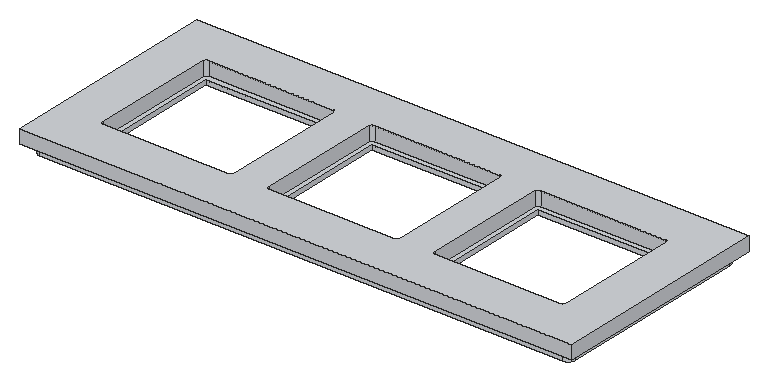
Revit family "Gira_021317", category Electrical Fixtures, host Face, Revit 2017
Family settings
  Host = Face
  Maintain Annotation Orientation = No
  Round Connector Dimension = Use Diameter
  Part Type = Normal
  Cut with Voids When Loaded = No
  Shared = No
  Room Calculation Point = No
Parameters (values of type "Cov.fr. 3-g Gira Esprit alum.")
  With mounting grid = "No"
  With hinged lid = "No"
  URL = "http://katalog.gira.de/en/datenblatt.html?artikelnr=021317"
  Type of fastening = "Clamp mounting"
  Transparent = "No"
  Surface protection = "Other"
  Suitable for wall duct = "No"
  Suitable for flush-mounted installation = "Yes"
  Suitable for floor box = "No"
  Suitable for built-in installation = "No"
  Number of units vertical = "3"
  Number of units horizontal = "3"
  Number of units = "3"
  Name = "Cov.fr. 3-g Gira Esprit alum."
  Mounting direction = "Horizontal and vertical"
  Material quality = "Aluminium"
  Material = "Metal"
  Manufacturer URL = "https://www.gira.de/"
  Manufacturer = "Gira"
  Label space/information surface = "No"
  Keynote = ""
  HeinzeBIM = "https://bimportal.heinze.de/bim/cov-fr-3-g-gira-esprit-alum-/c8b731d426c597ba8c661c395adfdb1d194dca49"
  Halogen free = "No"
  HAN = "021317"
  GTIN = "4010337213178"
  Description = "Cov.fr.3g Espr. AL,Gira Esprit cover frame,Aluminium,3-gang,Features:,- Anodised aluminium E 1 EV 1."
  Degree of protection (IP) = "IP20"
  Default Elevation = 1219.2 mm
  Data sheet (1) = "https://katalog.gira.de/en/download.html?artikelnr=021317"
  Colour = "Aluminium"
  Category = "Cover frame for domestic switching devices"
  BIM (1) = "https://media.stage.bim.site/public/gira/36a6b08/Espr._Rahmen_3fach.rfa"
  Available = "No"
Reference planes
  plane 1 "Center (Front/Back)": y = 0
  plane 2: z = 0
  plane 3 "Center (Left/Right)": x = 0
Forms (mm)
  Extrusion 1, solid, detail levels fine
    sketch origin (0, 0, 0) x (1, 0, 0) y (0, 1, 0)
      loop
        line (-118.4, 47.5) -> (-118.4, -47.5) -> (118.4, -47.5) -> (118.4, 47.5) -> (-118.4, 47.5)
      loop
        arc (-99.5, -26.7) -> (-99.061, -27.761) -> (-98, -28.2) r 1.5
        line (-98, -28.2) -> (-44.6, -28.2)
        arc (-44.6, -28.2) -> (-43.539, -27.761) -> (-43.1, -26.7) r 1.5
        line (-43.1, -26.7) -> (-43.1, 26.7)
        arc (-43.1, 26.7) -> (-43.539, 27.761) -> (-44.6, 28.2) r 1.5
        line (-44.6, 28.2) -> (-98, 28.2)
        arc (-98, 28.2) -> (-99.061, 27.761) -> (-99.5, 26.7) r 1.5
        line (-99.5, 26.7) -> (-99.5, -26.7)
      loop
        arc (-28.2, -26.7) -> (-27.761, -27.761) -> (-26.7, -28.2) r 1.5
        line (-26.7, -28.2) -> (26.7, -28.2)
        arc (26.7, -28.2) -> (27.761, -27.761) -> (28.2, -26.7) r 1.5
        line (28.2, -26.7) -> (28.2, 26.7)
        arc (28.2, 26.7) -> (27.761, 27.761) -> (26.7, 28.2) r 1.5
        line (26.7, 28.2) -> (-26.7, 28.2)
        arc (-26.7, 28.2) -> (-27.761, 27.761) -> (-28.2, 26.7) r 1.5
        line (-28.2, 26.7) -> (-28.2, -26.7)
      loop
        arc (43.1, -26.7) -> (43.539, -27.761) -> (44.6, -28.2) r 1.5
        line (44.6, -28.2) -> (98, -28.2)
        arc (98, -28.2) -> (99.061, -27.761) -> (99.5, -26.7) r 1.5
        line (99.5, -26.7) -> (99.5, 26.7)
        arc (99.5, 26.7) -> (99.061, 27.761) -> (98, 28.2) r 1.5
        line (98, 28.2) -> (44.6, 28.2)
        arc (44.6, 28.2) -> (43.539, 27.761) -> (43.1, 26.7) r 1.5
        line (43.1, 26.7) -> (43.1, -26.7)
    from 0 to 6
  Extrusion 2, solid, detail levels fine
    sketch origin (0, 0, 0) x (1, 0, 0) y (0, 1, 0)
      loop
        line (-97.2, -25.7) -> (-45.4, -25.7) -> (-45.4, 25.7) -> (-97.2, 25.7) -> (-97.2, -25.7)
      loop
        line (97.2, 25.7) -> (45.4, 25.7) -> (45.4, -25.7) -> (97.2, -25.7) -> (97.2, 25.7)
      loop
        arc (-114.002, -41.3) -> (-113.474, -42.573) -> (-112.202, -43.1) r 1.8
        line (-112.202, -43.1) -> (112.202, -43.1)
        arc (112.202, -43.1) -> (113.474, -42.573) -> (114.002, -41.3) r 1.8
        line (114.002, -41.3) -> (114.002, 41.3)
        arc (114.002, 41.3) -> (113.474, 42.573) -> (112.202, 43.1) r 1.8
        line (112.202, 43.1) -> (-112.202, 43.1)
        arc (-112.202, 43.1) -> (-113.474, 42.573) -> (-114.002, 41.3) r 1.8
        line (-114.002, 41.3) -> (-114.002, -41.3)
      loop
        line (25.9, 25.7) -> (-25.9, 25.7) -> (-25.9, -25.7) -> (25.9, -25.7) -> (25.9, 25.7)
    from -1.9 to 0
  Extrusion 3, solid, detail levels fine
    sketch origin (0, 0, 0) x (1, 0, 0) y (0, 1, 0)
      loop
        arc (-112.3, 44.4) -> (-114.421, 43.521) -> (-115.3, 41.4) r 3
        line (-115.3, 41.4) -> (-115.3, -41.4)
        arc (-115.3, -41.4) -> (-114.421, -43.521) -> (-112.3, -44.4) r 3
        line (-112.3, -44.4) -> (112.3, -44.4)
        arc (112.3, -44.4) -> (114.421, -43.521) -> (115.3, -41.4) r 3
        line (115.3, -41.4) -> (115.3, 41.4)
        arc (115.3, 41.4) -> (114.421, 43.521) -> (112.3, 44.4) r 3
        line (112.3, 44.4) -> (-112.3, 44.4)
      loop
        arc (-114.1, -41.4) -> (-113.573, -42.673) -> (-112.3, -43.2) r 1.8
        line (-112.3, -43.2) -> (112.3, -43.2)
        arc (112.3, -43.2) -> (113.573, -42.673) -> (114.1, -41.4) r 1.8
        line (114.1, -41.4) -> (114.1, 41.4)
        arc (114.1, 41.4) -> (113.573, 42.673) -> (112.3, 43.2) r 1.8
        line (112.3, 43.2) -> (-112.3, 43.2)
        arc (-112.3, 43.2) -> (-113.573, 42.673) -> (-114.1, 41.4) r 1.8
        line (-114.1, 41.4) -> (-114.1, -41.4)
    from -3.7 to 0
  Extrusion 4, solid, detail levels medium
    sketch origin (0, 0, 0) x (1, 0, 0) y (0, 1, 0)
      loop
        line (-118.4, 47.5) -> (-118.4, -47.5) -> (118.4, -47.5) -> (118.4, 47.5) -> (-118.4, 47.5)
    from 0 to 6
  Extrusion 5, solid, detail levels medium
    sketch origin (0, 0, 0) x (1, 0, 0) y (0, 1, 0)
      loop
        line (-115.3, 44.4) -> (-115.3, -44.4) -> (115.3, -44.4) -> (115.3, 44.4) -> (-115.3, 44.4)
    from -3.7 to 0
  Extrusion 6, solid, detail levels coarse
    sketch origin (0, 0, 0) x (1, 0, 0) y (0, 1, 0)
      loop
        line (-118.4, 47.5) -> (-118.4, -47.5) -> (118.4, -47.5) -> (118.4, 47.5) -> (-118.4, 47.5)
    from -3.7 to 6
Dimensions and locks
  aligned and locked: plane 2 to host face
  aligned and locked: level to host face
